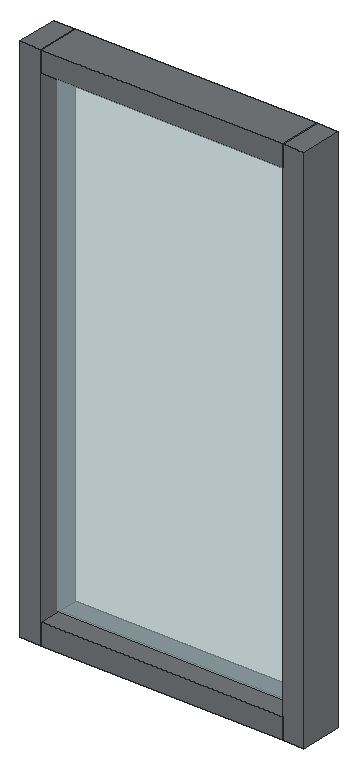
Revit family "LC W16 - A11", category Windows, host Wall, Revit 2027
Family settings
  Host = Wall
  Always vertical = Yes
  Cut with Voids When Loaded = No
  Shared = No
  Room Calculation Point = No
Parameters (values of type "A11 nominal size")
  Height = 1260 mm  # constant formula
  Description = "A07/A08 position, A11 overall sizes. Frame50x100 and glazing6mm are visual coordination profiles; manufacturer sections/glazing specification pending. Panel divisions follow schedule appearance, undimensioned divisions provisional."
  Default Sill Height = 0 mm
  Wall Closure = By host
  Width = 670 mm  # constant formula
Reference planes
  plane 1 "Center (Front/Back)": y = 0
  plane 2 "Center (Left/Right)": x = 0
  plane 3 "Left": x = -335
  plane 4 "Right": x = 335
  plane 5 "Sill": z = 0
  plane 6 "Head": z = 1260
  plane 7 "Exterior": y = 100
  plane 8 "Interior": y = -100
Forms (mm)
  Extrusion 1, solid, material "LC Aluminium - charcoal coordination"
    sketch origin (0, 0, 0) x (1, 0, 0) y (0, 1, 0)
      loop
        line (-335, -50) -> (-285, -50) -> (-285, 50) -> (-335, 50) -> (-335, -50)
    from 0 to 1260
  Extrusion 2, solid, material "LC Aluminium - charcoal coordination"
    sketch origin (0, 0, 0) x (1, 0, 0) y (0, 1, 0)
      loop
        line (285, -50) -> (335, -50) -> (335, 50) -> (285, 50) -> (285, -50)
    from 0 to 1260
  Extrusion 3, solid, material "LC Aluminium - charcoal coordination"
    sketch origin (0, 0, 0) x (1, 0, 0) y (0, 1, 0)
      loop
        line (-285, -50) -> (285, -50) -> (285, 50) -> (-285, 50) -> (-285, -50)
    from 1210 to 1260
  Extrusion 4, solid, material "LC Aluminium - charcoal coordination"
    sketch origin (0, 0, 0) x (1, 0, 0) y (0, 1, 0)
      loop
        line (-285, -50) -> (285, -50) -> (285, 50) -> (-285, 50) -> (-285, -50)
    from 0 to 50
  Extrusion 5, solid, material "LC Glazing - specification pending"
    sketch origin (0, 0, 0) x (1, 0, 0) y (0, 1, 0)
      loop
        line (-285, -3) -> (285, -3) -> (285, 3) -> (-285, 3) -> (-285, -3)
    from 50 to 1210
Lines and regions (mm)
  Opening 1
    outline origin (3500, -100, 0) x (1, 0, 0) y (0, 0, 1)
      loop
        line (-3165, 0) -> (-3165, 1260) -> (-3835, 1260) -> (-3835, 0) -> (-3165, 0)
Text (mm)
  text "Exterior" at (-1963.203, 1332.353, 0), in view "Ref. Level"
  text "Interior" at (-1981.466, -818.386, 0), in view "Ref. Level"
  text "Exterior" at (0, 923.751, 2943.296), in view "Right"
  text "Exterior" at (0, 1040.484, 2685.409), in view "Left"
Dimensions and locks
  equal spacing: plane 3 "Left", plane 2 "Center (Left/Right)", plane 4 "Right"
  "Width": plane 3 "Left" to plane 4 "Right"
  "Height": plane 5 "Sill" to plane 6 "Head"
  "Default Sill Height": plane 5 "Sill" to level
  locked: plane 7 "Exterior" to host wall
  locked: plane 8 "Interior" to host wall
Automatic sketch dimensions
  Opening 1 sketch curve to plane 3 "Left" = 0 mm
  Opening 1 sketch curve to plane 4 "Right" = 0 mm
  Opening 1 sketch curve to plane 5 "Sill" = 0 mm
  Opening 1 sketch curve to plane 6 "Head" = 0 mm
  Extrusion 1 sketch curve to plane 3 "Left" = 0 mm
  Extrusion 1 sketch curve to Extrusion 1 sketch curve = 50 mm
  host wall to Extrusion 1 sketch curve = 50 mm
  Extrusion 1 sketch curve to host wall = 50 mm
  Extrusion 2 sketch curve to plane 4 "Right" = 0 mm
  plane 4 "Right" to Extrusion 2 sketch curve = 50 mm
  host wall to Extrusion 2 sketch curve = 50 mm
  Extrusion 2 sketch curve to host wall = 50 mm
  Extrusion 3 sketch curve to plane 3 "Left" = 50 mm
  plane 4 "Right" to Extrusion 3 sketch curve = 50 mm
  host wall to Extrusion 3 sketch curve = 50 mm
  Extrusion 3 sketch curve to host wall = 50 mm
  Extrusion 4 sketch curve to plane 3 "Left" = 50 mm
  plane 4 "Right" to Extrusion 4 sketch curve = 50 mm
  host wall to Extrusion 4 sketch curve = 50 mm
  Extrusion 4 sketch curve to host wall = 50 mm
  host wall to Extrusion 5 sketch curve = 3 mm
  Extrusion 5 sketch curve to plane 3 "Left" = 50 mm
  Extrusion 5 sketch curve to host wall = 3 mm
  plane 4 "Right" to Extrusion 5 sketch curve = 50 mm
